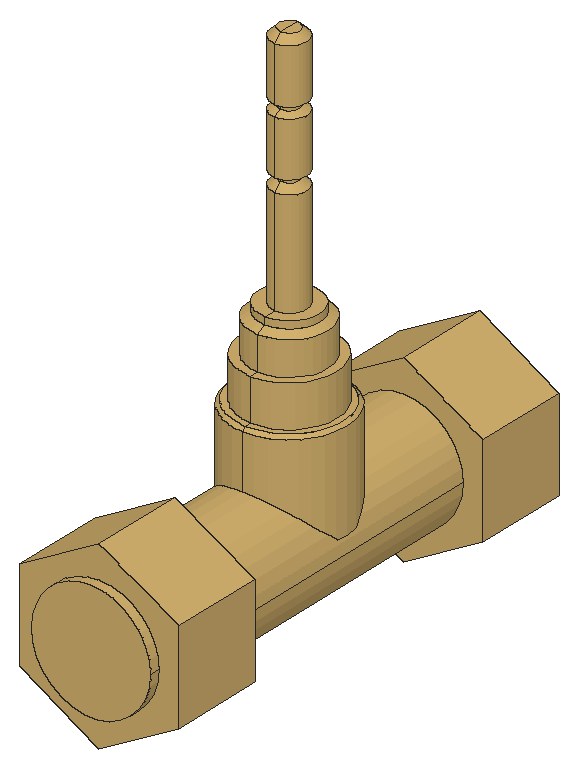
Revit family "Rough_Valve-DXV-D350007X0.191", category Plumbing Fixtures, host Face, Revit 2014
Parameters (values of type "D35000700.191")
  Width = 1"  # constant formula
  Waste Connection = no
  Warranty Documentation Link = "https://www.dxv.com/-/media/files/dxv/warranty/dxv_warranty_booklet.ashx"
  WFU = 0  # constant formula
  Vent Connection = no
  URL = "http://www.dxv.com"
  Type Comments = ""
  Tempered Water Connection Radius = Tempered Water Connection Diameter / 2  # 3/8"
  Tempered Water Connection Diameter = if([1/2" Valve], 1/2", 3/4")  # 3/4"
  Product Page URL = "https://www.dxv.com/product/3-4-inch-wall-rough-shower-valve-by-dxv"
  Product Documentation Link = "https://dxv01.blob.core.windows.net/dxv-product-pdf-files/M965546_DXV_wall_valve_D35000700_web_EN.pdf"
  Price = "Prices may vary. Please consult Manufacturer Representative for most up-to-date price list."  # constant formula
  Outlet Connection Description = if([1/2" Valve], "1/2'' NPT Supply Outlet", "3/4'' NPT Supply Outlet")  # "3/4'' NPT Supply Outlet"
  Model = "D35000700.191"
  Material = "Brass-DXV-Cast"
  Manufacturer = "DXV"
  Length = 1 3/4"  # constant formula
  Installation Type = "Wall Mounted"
  Inlet Connection Description = if([1/2" Valve], "1/2'' NPT Supply Inlet", "3/4'' NPT Supply Inlet")  # "3/4'' NPT Supply Inlet"
  Hot Water Connection Radius = Hot Water Connection Diameter / 2  # 3/8"
  Hot Water Connection Diameter = Tempered Water Connection Diameter  # 3/4"
  Height = if([1/2" Valve], 2 3/8", 3")  # 3"
  HWFU = 0  # constant formula
  HW Connection = yes
  Finish = Brass-DXV-Cast
  Description = if([1/2" Valve], "1/2'' Wall Rough Valve", "3/4'' Wall Rough Valve")  # "3/4'' Wall Rough Valve"
  Default Elevation = 40"  # constant formula
  Creation Date = "24/2/2014"  # constant formula
  Cold Water Connection Radius = Cold Water Connection Diameter / 2  # 3/8"
  Cold Water Connection Diameter = Tempered Water Connection Diameter  # 3/4"
  CWFU = 0  # constant formula
  CW Connection = yes
  Assembly Code = "D2010710"
  3/4" Valve = not([1/2" Valve])  # yes
  1/2" Valve = no
Types (3): name | Tempered Water Connection Radius | Tempered Water Connection Diameter | Outlet Connection Description | Model | Inlet Connection Description | Hot Water Connection Radius | Hot Water Connection Diameter | Height | Description | Cold Water Connection Radius | Cold Water Connection Diameter | 3/4" Valve | 1/2" Valve
  (no name) | 3/8" | 3/4" | "3/4'' NPT Supply Outlet" | "D35000700.191" | "3/4'' NPT Supply Inlet" | 3/8" | 3/4" | 3" | "3/4'' Wall Rough Valve" | 3/8" | 3/4" | yes | no
  D35000710.191 | 1/4" | 1/2" | "1/2'' NPT Supply Outlet" | "D35000710.191" | "1/2'' NPT Supply Inlet" | 1/4" | 1/2" | 2 3/8" | "1/2'' Wall Rough Valve" | 1/4" | 1/2" | no | yes
  D35000700.191 | 3/8" | 3/4" | "3/4'' NPT Supply Outlet" | "D35000700.191" | "3/4'' NPT Supply Inlet" | 3/8" | 3/4" | 3" | "3/4'' Wall Rough Valve" | 3/8" | 3/4" | yes | no
Reference planes (in)
  plane 1 "Center (Front/Back)": y = 0
  plane 2: z = -6.18308
  plane 3 "Center (Left/Right)": x = 0
  plane 4: y = 1.5
  plane 5: z = -1.75
  plane 6: y = -1.5
  plane 7: z = -0.75
  plane 8: x = 0.5
  plane 9: x = -0.5
  plane 10: x = -0.12434
  plane 11: x = 0.12434
  plane 12: y = -0.12434
  plane 13: y = 0.12434
  plane 14: y = 0.9
  plane 15: y = -0.9
Forms (in)
  Extrusion 1, solid, detail levels coarse
    sketch origin (0, 0, 0) x (1, 0, 0) y (0, 1, 0)
      loop
        line (-0.12434, 0.12434) -> (-0.12434, -0.12434) -> (0.12434, -0.12434) -> (0.12434, 0.12434) -> (-0.12434, 0.12434)
    from -6.18308 to -6.25928
  Extrusion 2, solid, material "Brass-DXV-Cast"
    sketch origin (0, 0, -4.375) x (1, 0, 0) y (0, 0, 1)
      loop
        circle (0, -1.75) r 0.375
    from -1.5 to 1.5
  Revolve 3, solid, material "Brass-DXV-Cast"
    sketch origin (0, 0, -4.375) x (0, 1, 0) y (0, 0, 1)
      loop
        line (0, -1.74909) -> (0, 1.09364) -> (-0.06632, 1.09364) -> (-0.11114, 1.04882) -> (-0.11114, 0.70402) -> (-0.06632, 0.70402) -> (-0.06632, 0.65756) -> (-0.11114, 0.63168) -> (-0.11114, 0.2917) -> (-0.06632, 0.2917) -> (-0.06632, 0.24972) -> (-0.11114, 0.2049) -> (-0.11114, -0.46132) -> (-0.19114, -0.46132) -> (-0.19114, -0.5075) -> (-0.24562, -0.53896) -> (-0.24562, -0.75) -> (-0.3018, -0.75) -> (-0.3018, -1.01344) -> (-0.34536, -1.01344) -> (-0.36717, -1.03525) -> (-0.36717, -1.74909) -> (0, -1.74909)
      axis (0, -1.74909) -> (0, 1.09364)
    angle from 0 to 360
  Extrusion 4, solid, material "Brass-DXV-Cast"
    sketch origin (-0.875, 0.13493, -4.60946) x (0.866025, 0, 0.5) y (-0.5, 0, 0.866025)
      loop
        line (0.28868, -1.25) -> (-0.28868, -1.25) -> (-0.57735, -1.75) -> (-0.28868, -2.25) -> (0.28868, -2.25) -> (0.57735, -1.75) -> (0.28868, -1.25)
    from 1.03493 to 1.63493
  Extrusion 5, solid, material "Brass-DXV-Cast"
    sketch origin (-0.875, -0.13493, -4.60946) x (0.866025, 0, 0.5) y (0.5, 0, -0.866025)
      loop
        line (0.28868, 1.25) -> (0.57735, 1.75) -> (0.28868, 2.25) -> (-0.28868, 2.25) -> (-0.57735, 1.75) -> (-0.28868, 1.25) -> (0.28868, 1.25)
    from 1.03493 to 1.63493
  Extrusion 6, solid, material "Brass-DXV-Cast"
    sketch origin (0, -1.1875, -4.375) x (1, 0, 0) y (0, 0, 1)
      loop
        circle (0, -1.75) r 0.375
    from 0 to 0.375
  Extrusion 7, solid, material "Brass-DXV-Cast"
    sketch origin (0, 1.1875, -4.375) x (1, 0, 0) y (0, 0, -1)
      loop
        circle (0, 1.75) r 0.375
    from 0 to 0.375
Cuts and joins
  joined: Extrusion 2, Revolve 3, Extrusion 4, Extrusion 5, Extrusion 6, Extrusion 7
Lines and regions (in)
  Masking region 1
    outline origin (0, 0, -4.375) x (1, 0, 0) y (0, 0, 1)
      loop
        line (-0.5, -2.03868) -> (0, -2.32735) -> (0.5, -2.03868) -> (0.5, -1.46132) -> (0.36777, -1.38498) -> (0.36777, -1.0357) -> (0.34551, -1.01344) -> (0.30275, -1.01344) -> (0.30275, -0.75) -> (0.24608, -0.75) -> (0.24608, -0.53868) -> (0.19114, -0.5075) -> (0.19114, -0.46132) -> (0.11114, -0.46132) -> (0.11114, 0.2049) -> (0.06632, 0.24972) -> (0.06632, 0.2917) -> (0.11114, 0.2917) -> (0.11114, 0.63168) -> (0.06632, 0.65756) -> (0.06632, 0.70402) -> (0.11114, 0.70402) -> (0.11114, 1.04882) -> (0.06632, 1.09364) -> (-0.06632, 1.09364) -> (-0.11114, 1.04882) -> (-0.11114, 0.70402) -> (-0.06632, 0.70402) -> (-0.06632, 0.65756) -> (-0.11114, 0.63168) -> (-0.11114, 0.2917) -> (-0.06632, 0.2917) -> (-0.06632, 0.24972) -> (-0.11114, 0.2049) -> (-0.11114, -0.46132) -> (-0.19114, -0.46132) -> (-0.19114, -0.5075) -> (-0.24608, -0.53868) -> (-0.24608, -0.75) -> (-0.30275, -0.75) -> (-0.30275, -1.01344) -> (-0.34551, -1.01344) -> (-0.36777, -1.0357) -> (-0.36777, -1.38498) -> (-0.5, -1.46132) -> (-0.5, -2.03868)
  symbolic lines, style "PlumbingFixtures", detail levels medium+fine
    curve 1: line (-0.36777, 0, -5.75998) -> (0, 0, -5.54765)
    curve 2: line (0, 0, -5.54765) -> (0.36777, 0, -5.75998)
    curve 3: line (-0.30179, 0, -5.38844) -> (0.30178, 0, -5.38844)
    curve 4: line (-0.24608, 0, -5.125) -> (0.24608, 0, -5.125)
  symbolic lines, style "PlumbingFixtures", detail levels fine
    curve 5: line (-0.19114, 0, -4.8825) -> (0.19114, 0, -4.8825)
    curve 6: line (-0.06632, 0, -4.12528) -> (0.06632, 0, -4.12528)
    curve 7: line (-0.06632, 0, -3.71744) -> (0.06632, 0, -3.71744)
    curve 8: line (-0.11114, 0, -3.32618) -> (0.11114, 0, -3.32618)
Dimensions and locks (in)
  plane 5 to Extrusion 1 = 4.43308"
  plane 7 to plane 5 = 1"
  locked: plane 9 to plane 8 at 1
  equal spacing: plane 6, plane 1 "Center (Front/Back)", plane 4
  "Height": plane 4 to plane 6
  locked: cut or joined group of Extrusion 2, Revolve 3, Extrusion 4, Extrusion 5, Extrusion 6, Extrusion 7 to plane 4 at 0.0625
  locked: cut or joined group of Extrusion 2, Revolve 3, Extrusion 4, Extrusion 5, Extrusion 6, Extrusion 7 to plane 6 at 0.0625
  locked: plane 4 to plane 14 at 0.6
  locked: plane 6 to plane 15 at 0.6
  aligned and locked: plane 2 to Extrusion 1
  aligned and locked: cut or joined group of Extrusion 2, Revolve 3, Extrusion 4, Extrusion 5, Extrusion 6, Extrusion 7 to plane 15
  aligned and locked: cut or joined group of Extrusion 2, Revolve 3, Extrusion 4, Extrusion 5, Extrusion 6, Extrusion 7 to plane 14
  aligned and locked: plane 4 to cut or joined group of Extrusion 2, Revolve 3, Extrusion 4, Extrusion 5, Extrusion 6, Extrusion 7  (x2)
  aligned and locked: plane 6 to cut or joined group of Extrusion 2, Revolve 3, Extrusion 4, Extrusion 5, Extrusion 6, Extrusion 7  (x2)
Automatic sketch dimensions
  curve 1 to plane 3 "Center (Left/Right)" = 0"
  plane 2 to curve 2 = 0.63543"
  plane 10 to curve 6 = 0.05803"
  plane 10 to curve 7 = 0.05803"
  plane 10 to curve 8 = 0.0132"
  curve 5 to plane 10 = 0.06679"
  curve 4 to plane 10 = 0.12174"
  curve 3 to plane 10 = 0.17745"
  curve 1 to plane 9 = 0.13223"
  plane 11 to curve 6 = 0.05803"
  plane 11 to curve 7 = 0.05803"
  plane 11 to curve 8 = 0.0132"
  curve 5 to plane 11 = 0.06679"
  curve 4 to plane 11 = 0.12174"
  curve 3 to plane 11 = 0.17743"
  curve 2 to plane 8 = 0.13223"
  plane 2 to curve 1 = 0.4231"
  plane 2 to curve 2 = 0.4231"
  curve 1 to curve 3 = 0.15921"
  curve 3 to curve 4 = 0.26344"
  curve 4 to curve 5 = 0.2425"
  curve 5 to curve 6 = 0.75722"
  curve 6 to curve 7 = 0.40784"
  curve 7 to curve 8 = 0.39126"
  Extrusion 1 sketch curve to Extrusion 1 sketch curve = 0.24868"  (x2)
  Extrusion 2 sketch curve to plane 3 "Center (Left/Right)" = 0"
  plane 2 to Extrusion 2 sketch curve = 0.05808"
  Revolve 3 sketch curve to plane 1 "Center (Front/Back)" = 0"  (x2)
  plane 12 to Revolve 3 sketch curve = 0.05803"  (x3)
  plane 12 to Revolve 3 sketch curve = 0.0132"  (x3)
  Revolve 3 sketch curve to plane 12 = 0.06679"
  Revolve 3 sketch curve to Revolve 3 sketch curve = 0.05448"
  Revolve 3 sketch curve to plane 12 = 0.17745"
  Revolve 3 sketch curve to Revolve 3 sketch curve = 0.04356"
  Revolve 3 sketch curve to Revolve 3 sketch curve = 0.02181"  (x2)
  plane 2 to Revolve 3 sketch curve = 0.05899"
  Revolve 3 sketch curve to Revolve 3 sketch curve = 0.71384"
  Revolve 3 sketch curve to Revolve 3 sketch curve = 0.26344"
  Revolve 3 sketch curve to Revolve 3 sketch curve = 0.21104"
  Revolve 3 sketch curve to Revolve 3 sketch curve = 0.03145"
  Revolve 3 sketch curve to Revolve 3 sketch curve = 0.04619"
  Revolve 3 sketch curve to Revolve 3 sketch curve = 0.66621"
  Revolve 3 sketch curve to Revolve 3 sketch curve = 0.04482"  (x2)
  Revolve 3 sketch curve to Revolve 3 sketch curve = 0.04198"
  Revolve 3 sketch curve to Revolve 3 sketch curve = 0.33998"
  Revolve 3 sketch curve to Revolve 3 sketch curve = 0.02588"
  Revolve 3 sketch curve to Revolve 3 sketch curve = 0.04646"
  Revolve 3 sketch curve to Revolve 3 sketch curve = 0.3448"
  Revolve 3 sketch curve to plane 2 = 1.32381"
  Revolve 3 sketch curve to Revolve 3 sketch curve = 0.8681"
  plane 9 to Extrusion 4 sketch curve = 0"  (x2)
  Extrusion 4 sketch curve to plane 3 "Center (Left/Right)" = 0"  (x2)
  Extrusion 4 sketch curve to plane 8 = 0"  (x2)
  Extrusion 4 sketch curve to plane 2 = 0.23059"
  Extrusion 4 sketch curve to Extrusion 4 sketch curve = 0.28868"  (x3)
  plane 9 to Extrusion 5 sketch curve = 0"  (x2)
  Extrusion 5 sketch curve to plane 3 "Center (Left/Right)" = 0"  (x2)
  Extrusion 5 sketch curve to plane 8 = 0"  (x2)
  Extrusion 5 sketch curve to plane 2 = 0.23059"
  Extrusion 5 sketch curve to Extrusion 5 sketch curve = 0.28868"  (x3)
  Extrusion 6 sketch curve to plane 3 "Center (Left/Right)" = 0"
  plane 2 to Extrusion 6 sketch curve = 0.05808"
  Extrusion 7 sketch curve to plane 3 "Center (Left/Right)" = 0"
  plane 2 to Extrusion 7 sketch curve = 0.05808"
  plane 9 to Masking region 1 sketch curve = 0"
  Masking region 1 sketch curve to plane 3 "Center (Left/Right)" = 0"
  Masking region 1 sketch curve to plane 8 = 0"
  Masking region 1 sketch curve to plane 9 = 0.13223"
  Masking region 1 sketch curve to Masking region 1 sketch curve = 0.02226"  (x3)
  Masking region 1 sketch curve to plane 10 = 0.17841"
  Masking region 1 sketch curve to Masking region 1 sketch curve = 0.05667"
  Masking region 1 sketch curve to plane 10 = 0.06679"
  plane 10 to Masking region 1 sketch curve = 0.0132"  (x3)
  plane 10 to Masking region 1 sketch curve = 0.05803"  (x2)
  Masking region 1 sketch curve to Masking region 1 sketch curve = 0.04482"  (x4)
  plane 11 to Masking region 1 sketch curve = 0.05803"  (x3)
  plane 11 to Masking region 1 sketch curve = 0.0132"  (x3)
  Masking region 1 sketch curve to plane 11 = 0.06679"
  Masking region 1 sketch curve to Masking region 1 sketch curve = 0.05495"
  Masking region 1 sketch curve to plane 11 = 0.17841"
  Masking region 1 sketch curve to Masking region 1 sketch curve = 0.04276"
  Masking region 1 sketch curve to plane 8 = 0.13223"
  Masking region 1 sketch curve to plane 2 = 0.51927"
  Masking region 1 sketch curve to plane 2 = 0.23059"  (x2)
  plane 2 to Masking region 1 sketch curve = 0.34676"  (x2)
  Masking region 1 sketch curve to Masking region 1 sketch curve = 0.07634"  (x2)
  Masking region 1 sketch curve to Masking region 1 sketch curve = 0.34928"  (x2)
  Masking region 1 sketch curve to Masking region 1 sketch curve = 0.26344"  (x2)
  Masking region 1 sketch curve to Masking region 1 sketch curve = 0.21132"  (x2)
  Masking region 1 sketch curve to Masking region 1 sketch curve = 0.03118"  (x2)
  Masking region 1 sketch curve to Masking region 1 sketch curve = 0.04619"  (x2)
  Masking region 1 sketch curve to Masking region 1 sketch curve = 0.66621"
  Masking region 1 sketch curve to Masking region 1 sketch curve = 0"  (x3)
  Masking region 1 sketch curve to Masking region 1 sketch curve = 0.04198"  (x2)
  Masking region 1 sketch curve to Masking region 1 sketch curve = 0.33998"
  Masking region 1 sketch curve to Masking region 1 sketch curve = 0.02588"  (x2)
  Masking region 1 sketch curve to Masking region 1 sketch curve = 0.04646"  (x2)
  Masking region 1 sketch curve to Masking region 1 sketch curve = 0.3448"
  radius of Extrusion 2 sketch curve = 3/8"
  radius of Extrusion 6 sketch curve = 3/8"
  radius of Extrusion 7 sketch curve = 3/8"
Connectors (in)
  piping at (0, -1.5625, -6.125), diameter 0.375, driven by "Tempered Water Connection Radius", driven by "Inlet Connection Description"
    settings: on Extrusion 6, index 1, connector inside diameter 3/4", connector length 0", flow factor 0, pipe flow 0 GPM, pressure drop 0.00 psi, fitting loss kfactor 0, connector angle 0.00°, fixture units 0, engagement length 0", angle of deflection 0.00°, flow configuration 0, flow direction 1, fitting loss method 0, system type 29, joint type 0, gender type 0, connector reference index -1, connector utility 0, adjustable connector no, is connector primary yes, connector description "3/4'' NPT Supply Inlet"
  piping at (0, 1.5625, -6.125), diameter 0.375, driven by "Tempered Water Connection Radius", driven by "Outlet Connection Description"
    settings: on Extrusion 7, index 2, connector inside diameter 1/2", connector length 0", flow factor 0, pipe flow 0 GPM, pressure drop 0.00 psi, fitting loss kfactor 0, connector angle 0.00°, fixture units 0, engagement length 0", angle of deflection 0.00°, flow configuration 0, flow direction 2, fitting loss method 0, system type 29, joint type 0, gender type 0, connector reference index -1, connector utility 0, adjustable connector no, is connector primary no, connector description "3/4'' NPT Supply Outlet"
